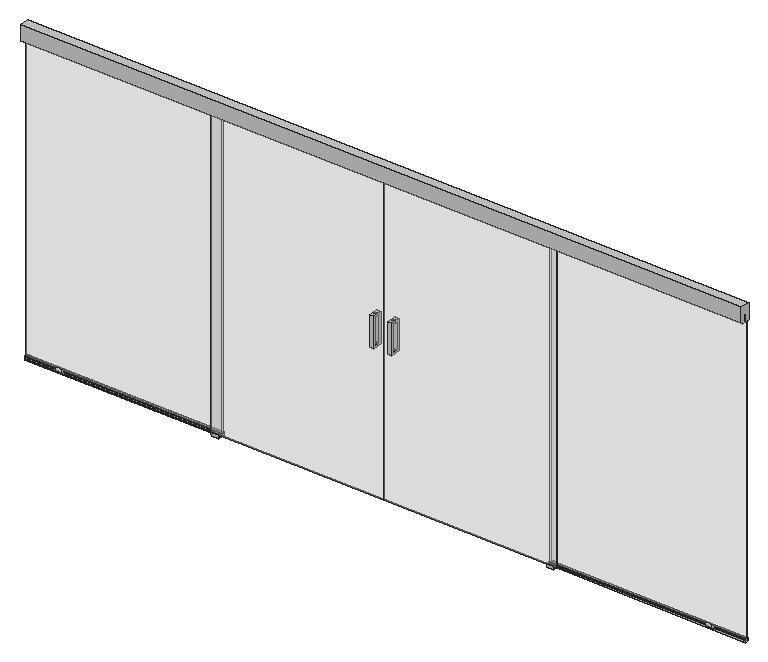
Revit family "KLEIN-Rolmatic-XOOX_CCCC", category Puertas, Revit 2014
Parameters (values of type "KLEIN-Rolmatic-XOOX_5m (1,2m) x 2,1m_12mm Translucent")
  URL = "www.klein-europe.com"
  Version = "1.0"  # constant formula
  Type.Handle = Extendo.Handle : Standard
  Fringe.Material = Klein.Translucent-Glass
  Comentarios de tipo = "Check the feasibility of the installation in our Website (www.klein-europe.com)"  # constant formula
  Grosor = 12.00 mm
  Rough Width = Anchura  # 5000.00 mm
  Altura aproximada = 2100.00 mm
  No Fringe = not(Fringe)  # yes
  Hardware.Material = Klein.Aluminum
  10mm glass thickness = no
  12mm glass thickness = yes
  Opening [instance] = (% Opening / 100) * (Door.Width - 165.00 mm)  # 0.00 mm
  Modelo = "Rolmatic (XOOX)"  # constant formula
  Fabricante = "Klein"  # constant formula
  Handle.Height = 1050.00 mm
  Glass.Material = Klein.Translucent-Glass
  Fringe.Offset = 700.00 mm
  Fringe.Height = 700.00 mm
  Fringe = no
  Door.Width = 1200.00 mm
  Función = Interior
  Altura = Altura aproximada - 105.00 mm  # 1995.00 mm
  Cierre de muro = Por anfitrión
  Anchura = 5000.00 mm
  Fixed Glass.Width = (Anchura - (Door.Width - 63.00 mm) * 2) / 2  # 1363.00 mm
  Descripción = "Rolmatic-XOOX. \r\nA synchronized feature is applied for the doors to slide simultaneously along the side-lites.\r\nIntegrating the sliding door and fixed side-lite glass panels within the same track enhances aesthetics and ease of installation. The system is available in clear anodized aluminium finish. No floor track is required at the passageway. An overlap of 50mm between the fixed and the sliding panels will be applied.\r\nWarning: A ratio of maximum 1/3 must be kept for the width/height of the door in order to guarantee a good sliding movement.\r\nDoor maximum weight up to 90 Kg. All glass dimensions must be checked with KLEIN mounting instructions. Visit our Website to check the feasibility of the installation (www.klein-europe.com)"  # constant formula
  Autor.URL = "www.a3d.es"  # constant formula
  Autor = "A3D Consulting"  # constant formula
  % Opening [instance] = 0
Types (6, lengths in mm): name | Grosor | No Fringe | 10mm glass thickness | 12mm glass thickness | Glass.Material | Fringe
  KLEIN-Rolmatic-XOOX_5m (1,2m) x 2,1m_12mm Transparent | 12.00 | yes | no | yes | Klein.Transparent-Glass | no
  KLEIN-Rolmatic-XOOX_5m (1,2m) x 2,1m_12mm Translucent | 12.00 | yes | no | yes | Klein.Translucent-Glass | no
  KLEIN-Rolmatic-XOOX_5m (1,2m) x 2,1m_12mm Transparent with translucent fringe | 12.00 | no | no | yes | Klein.Transparent-Glass | yes
  KLEIN-Rolmatic-XOOX_5m (1,2m) x 2,1m_10mm Translucent | 10.00 | yes | yes | no | Klein.Translucent-Glass | no
  KLEIN-Rolmatic-XOOX_5m (1,2m) x 2,1m_10mm Transparent | 10.00 | yes | yes | no | Klein.Transparent-Glass | no
  KLEIN-Rolmatic-XOOX_5m (1,2m) x 2,1m_10mm Transparent with translucent fringe | 10.00 | no | yes | no | Klein.Transparent-Glass | yes
Reference planes
  plane 1 "Center (Front/Back)": y = 0
  plane 2 "Center (Left/Right)": x = 0
  plane 3 "Left": x = -2500
  plane 4 "Right": x = 2500
  plane 5 "Top": z = 2100
  plane 6 "Exterior": y = 75.972
  plane 7 "Interior": y = -76.428
  plane 8 "Glass.Right.2": x = 1200
  plane 9 "Glass.Right.1": x = 0
  plane 10 "FixedGlass.Right": x = 1137
  plane 11 "Handle.X": x = 63.5
  plane 12 "Stopper.1": x = 2235.4
  plane 13 "Glass.Interior": y = -51.281
  plane 14 "Glass.Exterior": y = -39.281
  plane 15 "FixedGlass.Interior": y = -30.269
  plane 16 "FixedGlass.Exterior": y = -18.269
  plane 17: z = 1995.225
  plane 18 "Stopper.2": x = 2337
  plane 19 "Glass.Left.2": x = 0
  plane 20 "Glass.Left.1": x = -1200
  plane 21: x = -63.5
  plane 22 "FixedGlass.Left": x = -1137
  plane 23 "Stopper.3": x = -2337
  plane 24 "Stopper.4": x = -2235.4
  plane 25: z = 1995.225
  plane 26 "Fringe.Offset": z = 700
  plane 27 "Fringe.Height": z = 1400
Forms (mm)
  Extrusion 1, solid, material "Klein.Aluminum" <- "Hardware.Material"
    sketch origin (0, 0, 0) x (0, -1, 0) y (0, 0, 1)
      loop
        line (14.716, 2100) -> (14.716, 1995.225) -> (18.269, 1995.225) -> (18.269, 2001.575) -> (30.269, 2001.575) -> (30.269, 1995.225) -> (39.281, 1995.225) -> (39.281, 2044.854) -> (51.281, 2044.854) -> (51.281, 1995.225) -> (66.235, 1995.225) -> (76.428, 2002.243) -> (76.428, 2100) -> (14.716, 2100)
    from -2500 to 2500
  Extrusion 2, solid, material "Klein.Translucent-Glass" <- "Glass.Material", visible <- "No Fringe"
    sketch origin (0, -51.281, 0) x (-1, 0, 0) y (0, 0, 1)
      loop
        line (0, 2044.854) -> (-1200, 2044.854) -> (-1200, 7.937) -> (0, 7.937) -> (0, 2044.854)
    from 0 to 12 <- "Grosor"
  Extrusion 3, solid, material "Klein.Translucent-Glass" <- "Glass.Material", visible <- "No Fringe"
    sketch origin (0, -30.269, 0) x (-1, 0, 0) y (0, 0, 1)
      loop
        line (-1137, 2001.575) -> (-2500, 2001.575) -> (-2500, 11.113) -> (-1137, 11.113) -> (-1137, 2001.575)
    from 0 to 12 <- "Grosor"
  Sweep 4, solid, material "Klein.Aluminum" <- "Hardware.Material", detail levels medium+fine
    path origin (0, -86.7, 0) x (1, 0, 0) y (0, 1, 0)
      loop
        line (2500, 56.431) -> (1137, 56.431)
    profile origin (1818.5, -30.269, 0) x (0, -1, 0) y (0, 0, 1)
      loop
        line (-15.5, 0) -> (4.5, 0) -> (4.5, 6.424) -> (2, 6.424) -> (2, 18.104) -> (4.5, 18.104) -> (4.5, 21.037) -> (0.57, 21.037) -> (0, 20.051) -> (0, 6) -> (-2.25, 6) -> (-2.25, 2.5) -> (-10.75, 2.5) -> (-10.75, 6) -> (-13.5, 6) -> (-13.5, 20.051) -> (-14.07, 21.037) -> (-15.5, 21.037) -> (-15.5, 0)
  Sweep 5, solid, material "Klein.Aluminum" <- "Hardware.Material", detail levels fine
    path origin (0, -86.7, 0) x (1, 0, 0) y (0, 1, 0)
      loop
        line (1137, 47.419) -> (1187, 47.419)
    profile origin (1162, -39.281, 0) x (0, 1, 0) y (0, 0, 1)
      loop
        line (-21.49, 1) -> (4.512, 1) -> (4.512, 6.424) -> (7.012, 6.424) -> (7.012, 18.104) -> (4.512, 18.104) -> (4.512, 21) -> (1.285, 21) -> (1.285, 19.7) -> (2.1, 19.7) -> (2.1, 3) -> (-18, 3) -> (-18, 19.5) -> (-16, 19.5) -> (-16, 21) -> (-21.49, 21)
        arc (-21.49, 21) -> (-22.5, 11) -> (-21.49, 1) r 50.012
  Sweep 6, solid, material "Klein.Aluminum" <- "Hardware.Material", detail levels fine
    path origin (0, -86.7, 0) x (1, 0, 0) y (0, 1, 0)
      loop
        line (2235.4, 47.419) -> (2275.4, 47.419)
    profile origin (2255.4, -39.281, 0) x (0, 1, 0) y (0, 0, 1)
      loop
        line (4.5, 21.5) -> (2.926, 21.5)
        arc (2.926, 21.5) -> (-8.844, 29.469) -> (-4.302, 16) r 7.5
        line (-4.302, 16) -> (3.215, 16) -> (3.215, 6.424) -> (7, 6.424) -> (7, 18.104) -> (4.5, 18.104) -> (4.5, 21.5)
  Extrusion 7, solid, material "Klein.Aluminum" <- "Hardware.Material"
    sketch origin (1137, 0, 0) x (0, 1, 0) y (0, 0, 1)
      loop
        line (-18.269, 2001.575) -> (-30.269, 2001.575) -> (-30.269, 1995.225) -> (-18.269, 1995.225) -> (-18.269, 2001.575)
    from -2274 to 0
  Sweep 8, solid, material "Klein.Aluminum" <- "Hardware.Material", detail levels medium+fine
    path origin (0, 0, 0) x (1, 0, 0) y (0, 1, 0)
      loop
        line (1137, -30.269) -> (2500, -30.269)
    profile origin (1818.5, -30.269, 0) x (0, 1, 0) y (0, 0, 1)
      loop
        line (13.5, 11.064) -> (0, 11.064) -> (0, 6) -> (13.5, 6) -> (13.5, 11.064)
  Extrusion 9, solid, material "Klein.Translucent-Glass" <- "Glass.Material", visible <- "No Fringe"
    sketch origin (-1981.2, -51.281, 0) x (-1, 0, 0) y (0, 0, 1)
      loop
        line (-781.2, 2044.854) -> (-1981.2, 2044.854) -> (-1981.2, 7.937) -> (-781.2, 7.937) -> (-781.2, 2044.854)
    from 0 to 12 <- "Grosor"
  Sweep 10, solid, material "Klein.Aluminum" <- "Hardware.Material", detail levels medium+fine
    path origin (-2946.4, -86.7, 0) x (1, 0, 0) y (0, 1, 0)
      loop
        line (1809.4, 56.431) -> (446.4, 56.431)
    profile origin (-1818.5, -30.269, 0) x (0, -1, 0) y (0, 0, 1)
      loop
        line (-15.5, 0) -> (4.5, 0) -> (4.5, 6.424) -> (2, 6.424) -> (2, 18.104) -> (4.5, 18.104) -> (4.5, 21.037) -> (0.57, 21.037) -> (0, 20.051) -> (0, 6) -> (-2.25, 6) -> (-2.25, 2.5) -> (-10.75, 2.5) -> (-10.75, 6) -> (-13.5, 6) -> (-13.5, 20.051) -> (-14.07, 21.037) -> (-15.5, 21.037) -> (-15.5, 0)
  Sweep 11, solid, material "Klein.Aluminum" <- "Hardware.Material", detail levels fine
    path origin (-3276.6, -86.7, 0) x (1, 0, 0) y (0, 1, 0)
      loop
        line (2089.6, 47.419) -> (2139.6, 47.419)
    profile origin (-1162, -39.281, 0) x (0, 1, 0) y (0, 0, 1)
      loop
        line (-21.49, 1) -> (4.5, 1) -> (4.5, 6.424) -> (7, 6.424) -> (7, 18.104) -> (4.5, 18.104) -> (4.5, 21) -> (1.285, 21) -> (1.285, 19.7) -> (2.1, 19.7) -> (2.1, 3) -> (-18, 3) -> (-18, 19.5) -> (-16, 19.5) -> (-16, 21) -> (-21.49, 21)
        arc (-21.49, 21) -> (-22.5, 11) -> (-21.49, 1) r 50
  Sweep 12, solid, material "Klein.Aluminum" <- "Hardware.Material", detail levels fine
    path origin (-4876.8, -86.7, 0) x (1, 0, 0) y (0, 1, 0)
      loop
        line (2601.4, 47.419) -> (2641.4, 47.419)
    profile origin (-2255.4, -39.281, 0) x (0, 1, 0) y (0, 0, 1)
      loop
        line (4.5, 21.5) -> (2.926, 21.5)
        arc (2.926, 21.5) -> (-8.844, 29.469) -> (-4.302, 16) r 7.5
        line (-4.302, 16) -> (3.215, 16) -> (3.215, 6.424) -> (7, 6.424) -> (7, 18.104) -> (4.5, 18.104) -> (4.5, 21.5)
  Sweep 13, solid, material "Klein.Aluminum" <- "Hardware.Material", detail levels medium+fine
    path origin (-3022.6, 0, 0) x (1, 0, 0) y (0, 1, 0)
      loop
        line (522.6, -30.269) -> (1885.6, -30.269)
    profile origin (-1818.5, -30.269, 0) x (0, 1, 0) y (0, 0, 1)
      loop
        line (13.5, 11.064) -> (0, 11.064) -> (0, 6) -> (13.5, 6) -> (13.5, 11.064)
  Extrusion 14, solid, material "Klein.Translucent-Glass" <- "Glass.Material", visible <- "No Fringe"
    sketch origin (-3276.6, -30.269, 0) x (-1, 0, 0) y (0, 0, 1)
      loop
        line (-776.6, 2001.575) -> (-2139.6, 2001.575) -> (-2139.6, 11.113) -> (-776.6, 11.113) -> (-776.6, 2001.575)
    from 0 to 12 <- "Grosor"
  Extrusion 15, solid, material "Klein.Translucent-Glass" <- "Glass.Material", visible <- "Fringe"
    sketch origin (0, -51.281, 0) x (-1, 0, 0) y (0, 0, 1)
      loop
        line (0, 7.937) -> (0, 700) -> (-1200, 700) -> (-1200, 7.937) -> (0, 7.937)
    from 0 to 12 <- "Grosor"
  Extrusion 16, solid, material "Klein.Translucent-Glass" <- "Glass.Material", visible <- "Fringe"
    sketch origin (0, -30.269, 0) x (-1, 0, 0) y (0, 0, 1)
      loop
        line (-1137, 700) -> (-2500, 700) -> (-2500, 11.113) -> (-1137, 11.113) -> (-1137, 700)
    from 0 to 12 <- "Grosor"
  Extrusion 17, solid, material "Klein.Translucent-Glass" <- "Glass.Material", visible <- "Fringe"
    sketch origin (-1981.2, -51.281, 0) x (-1, 0, 0) y (0, 0, 1)
      loop
        line (-781.2, 700) -> (-1981.2, 700) -> (-1981.2, 7.937) -> (-781.2, 7.937) -> (-781.2, 700)
    from 0 to 12 <- "Grosor"
  Extrusion 18, solid, material "Klein.Translucent-Glass" <- "Glass.Material", visible <- "Fringe"
    sketch origin (-3276.6, -30.269, 0) x (-1, 0, 0) y (0, 0, 1)
      loop
        line (-776.6, 700) -> (-2139.6, 700) -> (-2139.6, 11.113) -> (-776.6, 11.113) -> (-776.6, 700)
    from 0 to 12 <- "Grosor"
  Extrusion 19, solid, material "Klein.Translucent-Glass" <- "Glass.Material", visible <- "Fringe"
    sketch origin (0, -51.281, 0) x (-1, 0, 0) y (0, 0, 1)
      loop
        line (0, 2044.854) -> (-1200, 2044.854) -> (-1200, 1400) -> (0, 1400) -> (0, 2044.854)
    from 0 to 12 <- "Grosor"
  Extrusion 20, solid, material "Klein.Translucent-Glass" <- "Glass.Material", visible <- "Fringe"
    sketch origin (0, -30.269, 0) x (-1, 0, 0) y (0, 0, 1)
      loop
        line (-1137, 2001.575) -> (-2500, 2001.575) -> (-2500, 1400) -> (-1137, 1400) -> (-1137, 2001.575)
    from 0 to 12 <- "Grosor"
  Extrusion 21, solid, material "Klein.Translucent-Glass" <- "Glass.Material", visible <- "Fringe"
    sketch origin (-1981.2, -51.281, 0) x (-1, 0, 0) y (0, 0, 1)
      loop
        line (-781.2, 2044.854) -> (-1981.2, 2044.854) -> (-1981.2, 1400) -> (-781.2, 1400) -> (-781.2, 2044.854)
    from 0 to 12 <- "Grosor"
  Extrusion 22, solid, material "Klein.Translucent-Glass" <- "Glass.Material", visible <- "Fringe"
    sketch origin (-3276.6, -30.269, 0) x (-1, 0, 0) y (0, 0, 1)
      loop
        line (-776.6, 2001.575) -> (-2139.6, 2001.575) -> (-2139.6, 1400) -> (-776.6, 1400) -> (-776.6, 2001.575)
    from 0 to 12 <- "Grosor"
  Extrusion 23, solid, material "Klein.Translucent-Glass" <- "Fringe.Material", visible <- "Fringe"
    sketch origin (0, -51.281, 736.6) x (-1, 0, 0) y (0, 0, 1)
      loop
        line (0, -36.6) -> (0, 663.4) -> (-1200, 663.4) -> (-1200, -36.6) -> (0, -36.6)
    from 0 to 12 <- "Grosor"
  Extrusion 24, solid, material "Klein.Translucent-Glass" <- "Fringe.Material", visible <- "Fringe"
    sketch origin (0, -30.269, 736.6) x (-1, 0, 0) y (0, 0, 1)
      loop
        line (-1137, 663.4) -> (-2500, 663.4) -> (-2500, -36.6) -> (-1137, -36.6) -> (-1137, 663.4)
    from 0 to 12 <- "Grosor"
  Extrusion 25, solid, material "Klein.Translucent-Glass" <- "Fringe.Material", visible <- "Fringe"
    sketch origin (-1981.2, -51.281, 736.6) x (-1, 0, 0) y (0, 0, 1)
      loop
        line (-781.2, 663.4) -> (-1981.2, 663.4) -> (-1981.2, -36.6) -> (-781.2, -36.6) -> (-781.2, 663.4)
    from 0 to 12 <- "Grosor"
  Extrusion 26, solid, material "Klein.Translucent-Glass" <- "Fringe.Material", visible <- "Fringe"
    sketch origin (-3276.6, -30.269, 736.6) x (-1, 0, 0) y (0, 0, 1)
      loop
        line (-776.6, 663.4) -> (-2139.6, 663.4) -> (-2139.6, -36.6) -> (-776.6, -36.6) -> (-776.6, 663.4)
    from 0 to 12 <- "Grosor"
Cuts and joins
  joined: Extrusion 1, Extrusion 7
Lines and regions (mm)
  Opening 1
    outline origin (-2286, -76.428, 0) x (1, 0, 0) y (0, 0, 1)
      loop
        line (-214, 0) -> (4786, 0) -> (4786, 2100) -> (-214, 2100) -> (-214, 0)
  Masking region 1
    outline origin (-2500, 0, 0) x (0, -1, 0) y (0, 0, 1)
      loop
        line (30.269, 11.113) -> (30.269, 2001.575) -> (18.269, 2001.575) -> (18.269, 11.113) -> (30.269, 11.113)
      loop
        line (39.281, 2044.854) -> (39.281, 7.937) -> (51.281, 7.938) -> (51.281, 2044.854) -> (39.281, 2044.854)
  Masking region 2, detail levels medium
    outline origin (0, 0, 0) x (0, -1, 0) y (0, 0, 1)
      loop
        line (14.394, 0) -> (34.269, 0) -> (34.269, 21) -> (30.269, 21) -> (30.269, 11.113) -> (18.269, 11.113) -> (18.269, 21) -> (14.394, 21) -> (14.394, 0)
  Masking region 3
    outline origin (0, 0, 1981.2) x (0, -1, 0) y (0, 0, 1)
      loop
        line (14.716, 14.025) -> (18.269, 14.025) -> (18.269, 20.375) -> (30.269, 20.375) -> (30.269, 14.025) -> (39.281, 14.025) -> (39.281, 63.654) -> (51.281, 63.654) -> (51.281, 14.025) -> (69.41, 14.025) -> (76.428, 21.043) -> (76.428, 118.8) -> (14.716, 118.8) -> (14.716, 14.025)
Text (mm)
  text "Exterior" at (-1904.17, 693.701, 0), in view "Ref. Level"
  text "Interior" at (-1904.17, -638.649, 0), in view "Ref. Level"
  text "Exterior" at (0, 1019.848, 3124.603), in view "Right"
  text "Interior" at (0, -1635.541, 3124.603), in view "Right"
  text "Interior" at (0, -787.806, 3124.376), in view "Left"
  text "Exterior" at (0, 1386.095, 3124.376), in view "Left"
  text "KLEIN family modeled by A3D Consulting\n\n(www.a3d.es)" at (1860.922, 760.913, 0), in view "Ref. Level"
Dimensions and locks
  equal spacing: plane 3 "Left", plane 2 "Center (Left/Right)", plane 4 "Right"
  "Altura aproximada": level to plane 5 "Top"
  "Anchura": plane 3 "Left" to plane 4 "Right"
  locked: plane 9 "Glass.Right.1" to plane 11 "Handle.X" at 63.5
  "Fixed Glass.Width": plane 10 "FixedGlass.Right" to plane 4 "Right"
  "Grosor": plane 14 "Glass.Exterior" to plane 13 "Glass.Interior"
  "Grosor": plane 16 "FixedGlass.Exterior" to plane 15 "FixedGlass.Interior"
  locked: Extrusion 2 sketch curve to level at 7.937
  locked: Extrusion 3 sketch curve to level at 11.113
  "Door.Width": plane 9 "Glass.Right.1" to plane 8 "Glass.Right.2"
  locked: plane 12 "Stopper.1" to Sweep 6 sketch curve at 40
  locked: plane 10 "FixedGlass.Right" to Sweep 5 sketch curve at 50
  locked: Extrusion 1 sketch curve to plane 7 "Interior" at 61.712
  locked: plane 17 to plane 5 "Top" at 104.775
  locked: Extrusion 1 sketch curve to plane 17 at 49.629
  locked: Extrusion 1 sketch curve to plane 17 at 6.35
  locked: Sweep 8 sketch curve to profile plane at 13.5
  locked: Sweep 8 sketch curve to profile plane at 6
  locked: Sweep 8 sketch curve to profile plane at 11.064
  locked: Masking region 2 sketch curve to level at 21  (x2)
  locked: plane 15 "FixedGlass.Interior" to Masking region 2 sketch curve at 4
  locked: plane 12 "Stopper.1" to plane 18 "Stopper.2" at 101.6
  "Door.Width": plane 10 "FixedGlass.Right" to plane 18 "Stopper.2"
  locked: plane 7 "Interior" to plane 14 "Glass.Exterior" at 37.148
  locked: plane 15 "FixedGlass.Interior" to plane 14 "Glass.Exterior" at 9.012
  locked: Extrusion 3 sketch curve to plane 5 "Top" at 98.425
  locked: Extrusion 2 sketch curve to plane 5 "Top" at 55.146
  locked: Masking region 3 sketch curve to plane 5 "Top" at 55.146
  locked: Masking region 1 sketch curve to plane 5 "Top" at 55.146
  locked: Masking region 1 sketch curve to plane 5 "Top" at 98.425
  locked: Masking region 2 sketch curve to plane 15 "FixedGlass.Interior" at 15.875
  locked: Masking region 3 sketch curve to plane 5 "Top" at 98.425
  "Door.Width": plane 20 "Glass.Left.1" to plane 19 "Glass.Left.2"
  locked: plane 21 to plane 19 "Glass.Left.2" at 63.5
  "Door.Width": plane 23 "Stopper.3" to plane 22 "FixedGlass.Left"
  locked: plane 23 "Stopper.3" to plane 24 "Stopper.4" at 101.6
  "Opening": plane 2 "Center (Left/Right)" to plane 9 "Glass.Right.1"
  "Opening": plane 19 "Glass.Left.2" to plane 2 "Center (Left/Right)"
  locked: plane 5 "Top" to Extrusion 9 sketch curve at 55.146
  locked: Extrusion 9 sketch curve to level at 7.937
  locked: Sweep 11 sketch curve to plane 22 "FixedGlass.Left" at 50
  locked: Sweep 12 sketch curve to plane 24 "Stopper.4" at 40
  locked: Sweep 13 sketch curve to profile plane at 13.5
  locked: Sweep 13 sketch curve to profile plane at 6
  locked: Sweep 13 sketch curve to profile plane at 11.064
  locked: plane 5 "Top" to Extrusion 14 sketch curve at 98.425
  locked: Extrusion 14 sketch curve to level at 11.113
  "Fixed Glass.Width": plane 3 "Left" to plane 22 "FixedGlass.Left"
  locked: plane 25 to plane 5 "Top" at 104.775
  locked: Masking region 3 sketch curve to plane 7 "Interior" at 61.712
  locked: Extrusion 7 sketch curve to plane 5 "Top" at 104.775
  locked: Extrusion 7 sketch curve to plane 5 "Top" at 98.425
  locked: plane 7 "Interior" to Masking region 3 sketch curve at 7.018
  "Fringe.Offset": plane 26 "Fringe.Offset" to level
  "Fringe.Height": plane 27 "Fringe.Height" to plane 26 "Fringe.Offset"
  locked: plane 5 "Top" to Extrusion 22 sketch curve at 98.425
  locked: plane 5 "Top" to Extrusion 21 sketch curve at 55.146
  locked: plane 5 "Top" to Extrusion 20 sketch curve at 98.425
  locked: Extrusion 18 sketch curve to level at 11.113
  locked: Extrusion 17 sketch curve to level at 7.937
  locked: Extrusion 15 sketch curve to level at 7.937
  locked: Extrusion 16 sketch curve to level at 11.113
  aligned and locked: plane 3 "Left" to Opening 1 sketch curve
  aligned and locked: plane 5 "Top" to Opening 1 sketch curve
  aligned and locked: Opening 1 sketch curve to plane 5 "Top"
  aligned and locked: Opening 1 sketch curve to plane 4 "Right"
  aligned and locked: Opening 1 sketch curve to level
  aligned and locked: plane 6 "Exterior" to host wall
  aligned and locked: host wall to plane 7 "Interior"
  aligned and locked: plane 5 "Top" to Extrusion 1 sketch curve
  aligned and locked: plane 7 "Interior" to Extrusion 1 sketch curve
  aligned and locked: plane 13 "Glass.Interior" to Extrusion 1 sketch curve
  aligned and locked: plane 14 "Glass.Exterior" to Extrusion 1 sketch curve
  aligned and locked: Extrusion 1 sketch curve to plane 17  (x3)
  aligned and locked: plane 9 "Glass.Right.1" to Extrusion 2 sketch curve
  aligned and locked: Extrusion 2 sketch curve to plane 8 "Glass.Right.2"
  aligned and locked: plane 10 "FixedGlass.Right" to Extrusion 3 sketch curve
  aligned and locked: plane 4 "Right" to Extrusion 3 sketch curve
  aligned and locked: plane 3 "Left" to Extrusion 1
  aligned and locked: Extrusion 1 to plane 4 "Right"
  aligned and locked: Sweep 4 sketch curve to plane 15 "FixedGlass.Interior"
  aligned and locked: plane 10 "FixedGlass.Right" to Sweep 4 sketch curve
  aligned and locked: plane 4 "Right" to Sweep 4 sketch curve
  aligned and locked: plane 14 "Glass.Exterior" to Sweep 6 sketch curve
  aligned and locked: plane 12 "Stopper.1" to Sweep 6 sketch curve
  aligned and locked: Sweep 5 sketch curve to plane 14 "Glass.Exterior"
  aligned and locked: plane 10 "FixedGlass.Right" to Sweep 5 sketch curve
  aligned and locked: nested 2 to plane 11 "Handle.X"
  aligned and locked: plane 11 "Handle.X" to nested 1
  aligned and locked: plane 5 "Top" to nested 3
  aligned and locked: plane 7 "Interior" to nested 3
  aligned and locked: plane 5 "Top" to nested 4
  aligned and locked: plane 7 "Interior" to nested 4
  aligned and locked: plane 15 "FixedGlass.Interior" to Extrusion 7 sketch curve
  aligned and locked: Extrusion 7 sketch curve to plane 16 "FixedGlass.Exterior"
  aligned and locked: plane 10 "FixedGlass.Right" to Extrusion 7
  aligned and locked: plane 4 "Right" to Sweep 8 sketch curve
  aligned and locked: plane 10 "FixedGlass.Right" to Sweep 8 sketch curve
  aligned and locked: plane 15 "FixedGlass.Interior" to Sweep 8 sketch curve
  aligned and locked: Sweep 8 sketch curve to profile plane
  aligned and locked: plane 15 "FixedGlass.Interior" to Masking region 1 sketch curve
  aligned and locked: Masking region 1 sketch curve to plane 16 "FixedGlass.Exterior"
  aligned and locked: Masking region 1 sketch curve to Extrusion 3
  aligned and locked: Masking region 1 sketch curve to plane 14 "Glass.Exterior"
  aligned and locked: plane 13 "Glass.Interior" to Masking region 1 sketch curve
  aligned and locked: Masking region 1 sketch curve to Extrusion 2
  aligned and locked: nested 5 to level
  aligned and locked: Masking region 2 sketch curve to plane 15 "FixedGlass.Interior"
  aligned and locked: Masking region 2 sketch curve to Extrusion 3
  aligned and locked: level to Masking region 2
  aligned and locked: Masking region 3 sketch curve to plane 7 "Interior"
  aligned and locked: plane 5 "Top" to Masking region 3 sketch curve
  aligned and locked: plane 13 "Glass.Interior" to Masking region 3 sketch curve
  aligned and locked: Masking region 3 sketch curve to plane 14 "Glass.Exterior"
  aligned and locked: Masking region 3 sketch curve to plane 16 "FixedGlass.Exterior"
  aligned and locked: Masking region 3 sketch curve to plane 15 "FixedGlass.Interior"
  aligned and locked: plane 16 "FixedGlass.Exterior" to Extrusion 1 sketch curve
  aligned and locked: plane 15 "FixedGlass.Interior" to Extrusion 1 sketch curve
  aligned and locked: Sweep 5 sketch curve to Sweep 4  (x4)
  aligned and locked: nested 2 to plane 14 "Glass.Exterior"
  aligned and locked: nested 1 to plane 13 "Glass.Interior"
  aligned and locked: Extrusion 9 sketch curve to plane 19 "Glass.Left.2"
  aligned and locked: plane 20 "Glass.Left.1" to Extrusion 9 sketch curve
  aligned and locked: plane 3 "Left" to Sweep 10 sketch curve
  aligned and locked: plane 22 "FixedGlass.Left" to Sweep 10 sketch curve
  aligned and locked: plane 15 "FixedGlass.Interior" to Sweep 10 sketch curve
  aligned and locked: plane 22 "FixedGlass.Left" to Sweep 11 sketch curve
  aligned and locked: Sweep 11 sketch curve to plane 14 "Glass.Exterior"
  aligned and locked: plane 24 "Stopper.4" to Sweep 12 sketch curve
  aligned and locked: Sweep 12 sketch curve to plane 14 "Glass.Exterior"
  aligned and locked: plane 21 to nested 7
  aligned and locked: nested 8 to plane 21
  aligned and locked: nested 8 to plane 14 "Glass.Exterior"
  aligned and locked: nested 7 to plane 13 "Glass.Interior"
  aligned and locked: Sweep 13 sketch curve to profile plane
  aligned and locked: plane 3 "Left" to Sweep 13 sketch curve
  aligned and locked: plane 22 "FixedGlass.Left" to Sweep 13 sketch curve
  aligned and locked: Sweep 13 sketch curve to plane 15 "FixedGlass.Interior"
  aligned and locked: Extrusion 14 sketch curve to plane 3 "Left"
  aligned and locked: Extrusion 14 sketch curve to plane 22 "FixedGlass.Left"
  aligned and locked: Extrusion 7 to plane 22 "FixedGlass.Left"
  aligned and locked: nested 6 to plane 14 "Glass.Exterior"
  aligned and locked: nested 5 to plane 14 "Glass.Exterior"
  aligned and locked: Masking region 3 sketch curve to plane 25  (x3)
  aligned and locked: plane 27 "Fringe.Height" to Extrusion 22 sketch curve
  aligned and locked: Extrusion 22 sketch curve to plane 22 "FixedGlass.Left"
  aligned and locked: Extrusion 22 sketch curve to plane 3 "Left"
  aligned and locked: plane 20 "Glass.Left.1" to Extrusion 21 sketch curve
  aligned and locked: Extrusion 21 sketch curve to plane 19 "Glass.Left.2"
  aligned and locked: plane 27 "Fringe.Height" to Extrusion 21 sketch curve
  aligned and locked: plane 27 "Fringe.Height" to Extrusion 19 sketch curve
  aligned and locked: plane 9 "Glass.Right.1" to Extrusion 19 sketch curve
  aligned and locked: Extrusion 19 sketch curve to plane 8 "Glass.Right.2"
  aligned and locked: plane 27 "Fringe.Height" to Extrusion 20 sketch curve
  aligned and locked: plane 10 "FixedGlass.Right" to Extrusion 20 sketch curve
  aligned and locked: plane 4 "Right" to Extrusion 20 sketch curve
  aligned and locked: Extrusion 18 sketch curve to plane 26 "Fringe.Offset"
  aligned and locked: Extrusion 18 sketch curve to plane 22 "FixedGlass.Left"
  aligned and locked: Extrusion 18 sketch curve to plane 3 "Left"
  aligned and locked: Extrusion 17 sketch curve to plane 26 "Fringe.Offset"
  aligned and locked: plane 20 "Glass.Left.1" to Extrusion 17 sketch curve
  aligned and locked: Extrusion 17 sketch curve to plane 19 "Glass.Left.2"
  aligned and locked: Extrusion 15 sketch curve to plane 26 "Fringe.Offset"
  aligned and locked: Extrusion 15 sketch curve to plane 8 "Glass.Right.2"
  aligned and locked: plane 9 "Glass.Right.1" to Extrusion 15 sketch curve
  aligned and locked: Extrusion 16 sketch curve to plane 26 "Fringe.Offset"
  aligned and locked: plane 10 "FixedGlass.Right" to Extrusion 16 sketch curve
  aligned and locked: plane 4 "Right" to Extrusion 16 sketch curve
  aligned and locked: plane 26 "Fringe.Offset" to Extrusion 26 sketch curve
  aligned and locked: Extrusion 26 sketch curve to plane 27 "Fringe.Height"
  aligned and locked: Extrusion 26 sketch curve to plane 22 "FixedGlass.Left"
  aligned and locked: Extrusion 26 sketch curve to plane 3 "Left"
  aligned and locked: plane 20 "Glass.Left.1" to Extrusion 25 sketch curve
  aligned and locked: Extrusion 25 sketch curve to plane 19 "Glass.Left.2"
  aligned and locked: plane 26 "Fringe.Offset" to Extrusion 25 sketch curve
  aligned and locked: Extrusion 25 sketch curve to plane 27 "Fringe.Height"
  aligned and locked: plane 26 "Fringe.Offset" to Extrusion 23 sketch curve
  aligned and locked: Extrusion 23 sketch curve to plane 27 "Fringe.Height"
  aligned and locked: plane 9 "Glass.Right.1" to Extrusion 23 sketch curve
  aligned and locked: Extrusion 23 sketch curve to plane 8 "Glass.Right.2"
  aligned and locked: plane 10 "FixedGlass.Right" to Extrusion 24 sketch curve
  aligned and locked: plane 4 "Right" to Extrusion 24 sketch curve
  aligned and locked: Extrusion 24 sketch curve to plane 27 "Fringe.Height"
  aligned and locked: plane 26 "Fringe.Offset" to Extrusion 24 sketch curve
Automatic sketch dimensions
  Extrusion 1 sketch curve to host wall = 10.193 mm
  plane 17 to Extrusion 1 sketch curve = 7.018 mm
  Sweep 4 sketch curve to profile plane = 0.00 mm  (x2)
  profile plane to Sweep 4 sketch curve = 2.25 mm
  Sweep 4 sketch curve to Sweep 4 sketch curve = 8.50 mm
  Sweep 4 sketch curve to Sweep 4 sketch curve = 2.75 mm
  Sweep 4 sketch curve to Sweep 4 sketch curve = 0.57 mm
  Sweep 4 sketch curve to Sweep 4 sketch curve = 4.75 mm
  Sweep 4 sketch curve to profile plane = 0.57 mm
  Sweep 4 sketch curve to profile plane = 2.00 mm
  Sweep 4 sketch curve to Sweep 4 sketch curve = 2.50 mm
  Sweep 4 sketch curve to profile plane = 4.50 mm
  profile plane to Sweep 4 sketch curve = 2.50 mm
  Sweep 4 sketch curve to Sweep 4 sketch curve = 3.50 mm  (x2)
  Sweep 4 sketch curve to Sweep 4 sketch curve = 0.424 mm
  Sweep 4 sketch curve to Sweep 4 sketch curve = 11.68 mm
  Sweep 4 sketch curve to Sweep 4 sketch curve = 1.947 mm
  Sweep 4 sketch curve to Sweep 4 sketch curve = 0.00 mm
  Sweep 4 sketch curve to Sweep 4 sketch curve = 0.987 mm  (x2)
  Sweep 5 sketch curve to profile plane = 2.10 mm
  Sweep 5 sketch curve to profile plane = 1.285 mm
  profile plane to Sweep 5 sketch curve = 16.00 mm
  Sweep 5 sketch curve to Sweep 5 sketch curve = 2.00 mm
  Sweep 5 sketch curve to Sweep 5 sketch curve = 3.49 mm  (x2)
  profile plane to Sweep 5 sketch curve = 1.00 mm
  Sweep 5 sketch curve to Sweep 5 sketch curve = 20.50 mm
  profile plane to Sweep 5 sketch curve = 3.00 mm
  Sweep 5 sketch curve to Sweep 5 sketch curve = 3.424 mm
  profile plane to Sweep 5 sketch curve = 11.00 mm
  Sweep 5 sketch curve to Sweep 5 sketch curve = 1.50 mm
  Sweep 5 sketch curve to Sweep 5 sketch curve = 1.596 mm
  Sweep 5 sketch curve to Sweep 5 sketch curve = 1.30 mm
  profile plane to Sweep 6 sketch curve = 4.302 mm
  Sweep 6 sketch curve to profile plane = 2.926 mm
  Sweep 6 sketch curve to profile plane = 3.215 mm
  Sweep 6 sketch curve to Sweep 6 sketch curve = 1.285 mm
  Sweep 6 sketch curve to Sweep 6 sketch curve = 3.785 mm
  profile plane to Sweep 6 sketch curve = 6.424 mm
  Sweep 6 sketch curve to Sweep 6 sketch curve = 9.576 mm
  Sweep 6 sketch curve to Sweep 6 sketch curve = 2.104 mm
  Sweep 6 sketch curve to Sweep 6 sketch curve = 3.396 mm
  Masking region 2 sketch curve to plane 16 "FixedGlass.Exterior" = 0.00 mm
  Masking region 2 sketch curve to level = 0.00 mm
  plane 25 to Masking region 3 sketch curve = 7.018 mm
  Sweep 10 sketch curve to profile plane = 0.00 mm  (x2)
  profile plane to Sweep 10 sketch curve = 2.25 mm
  Sweep 10 sketch curve to Sweep 10 sketch curve = 8.50 mm
  Sweep 10 sketch curve to Sweep 10 sketch curve = 2.75 mm
  Sweep 10 sketch curve to Sweep 10 sketch curve = 0.57 mm
  Sweep 10 sketch curve to Sweep 10 sketch curve = 4.75 mm
  Sweep 10 sketch curve to profile plane = 0.57 mm
  Sweep 10 sketch curve to profile plane = 2.00 mm
  Sweep 10 sketch curve to Sweep 10 sketch curve = 2.50 mm
  Sweep 10 sketch curve to profile plane = 4.50 mm
  profile plane to Sweep 10 sketch curve = 2.50 mm
  Sweep 10 sketch curve to Sweep 10 sketch curve = 3.50 mm  (x2)
  Sweep 10 sketch curve to Sweep 10 sketch curve = 0.424 mm
  Sweep 10 sketch curve to Sweep 10 sketch curve = 11.68 mm
  Sweep 10 sketch curve to Sweep 10 sketch curve = 1.947 mm
  Sweep 10 sketch curve to Sweep 10 sketch curve = 0.00 mm
  Sweep 10 sketch curve to Sweep 10 sketch curve = 0.987 mm  (x2)
  profile plane to Sweep 11 sketch curve = 1.00 mm
  profile plane to Sweep 11 sketch curve = 21.49 mm
  Sweep 11 sketch curve to Sweep 11 sketch curve = 0.00 mm
  Sweep 11 sketch curve to Sweep 11 sketch curve = 3.49 mm
  Sweep 11 sketch curve to Sweep 11 sketch curve = 2.00 mm
  Sweep 11 sketch curve to profile plane = 1.285 mm
  Sweep 11 sketch curve to Sweep 11 sketch curve = 0.815 mm
  Sweep 11 sketch curve to Sweep 11 sketch curve = 2.40 mm  (x2)
  Sweep 11 sketch curve to Sweep 11 sketch curve = 2.50 mm
  Sweep 11 sketch curve to Sweep 11 sketch curve = 20.50 mm
  profile plane to Sweep 11 sketch curve = 3.00 mm
  Sweep 11 sketch curve to Sweep 11 sketch curve = 3.424 mm
  profile plane to Sweep 11 sketch curve = 11.00 mm
  Sweep 11 sketch curve to Sweep 11 sketch curve = 11.68 mm
  Sweep 11 sketch curve to Sweep 11 sketch curve = 1.50 mm
  Sweep 11 sketch curve to Sweep 11 sketch curve = 1.596 mm
  Sweep 11 sketch curve to Sweep 11 sketch curve = 1.30 mm
  profile plane to Sweep 12 sketch curve = 4.302 mm
  Sweep 12 sketch curve to profile plane = 2.926 mm
  Sweep 12 sketch curve to profile plane = 3.215 mm
  Sweep 12 sketch curve to Sweep 12 sketch curve = 1.285 mm
  Sweep 12 sketch curve to Sweep 12 sketch curve = 3.785 mm
  profile plane to Sweep 12 sketch curve = 6.424 mm
  Sweep 12 sketch curve to Sweep 12 sketch curve = 9.576 mm
  Sweep 12 sketch curve to Sweep 12 sketch curve = 2.104 mm
  Sweep 12 sketch curve to Sweep 12 sketch curve = 3.396 mm
  plane 5 "Top" to Extrusion 19 sketch curve = 55.146 mm
Nested families
  nested 1: "Extendo.Handle" at (63.5, -51.281, 1050), built-in parameter 1001364 <- "Handle.Height", type <- "Type.Handle", type "Standard", detail levels fine
  nested 2: "Extendo.Handle" at (63.5, -39.281, 1050), built-in parameter 1001364 <- "Handle.Height", type <- "Type.Handle", type "Standard", detail levels fine
  nested 3: "Klein.Rolmatic.Detail.Profile.12mm" at (0, -76.428, 2100) x (0, -1, 0) z (-1, 0, 0), visible <- "12mm glass thickness", type "Standard", detail levels fine
  nested 4: "Klein.Rolmatic.Detail.Profile.10mm" at (0, -76.428, 2100) x (0, -1, 0) z (-1, 0, 0), visible <- "10mm glass thickness", type "Standard", detail levels fine
  nested 5: "Klein.Rolmatic.Detail.Inferior.10mm" at (0, -39.281, 0) x (0, -1, 0) z (-1, 0, 0), visible <- "10mm glass thickness", type "Standard", detail levels fine
  nested 6: "Klein.Rolmatic.Detail.Inferior.12mm" at (0, -39.281, 0) x (0, -1, 0) z (-1, 0, 0), visible <- "12mm glass thickness", type "Standard", detail levels fine
  nested 7: "Extendo.Handle" at (-63.5, -51.281, 1050), built-in parameter 1001364 <- "Handle.Height", type <- "Type.Handle", type "Standard", detail levels fine
  nested 8: "Extendo.Handle" at (-63.5, -39.281, 1050), built-in parameter 1001364 <- "Handle.Height", type <- "Type.Handle", type "Standard", detail levels fine
Definition of nested family "Extendo.Handle"
  Parameters (values of type "Standard")
    Version = "A3D.Extendo.Handle.1.0"  # constant formula
    Manufacturer = "Klein"  # constant formula
    Handle.Material = Klein.Aluminum
  Reference planes
    plane 1 "Center (Front/Back)": y = 0
    plane 2: z = 0
    plane 3 "Center (Left/Right)": x = 0
  Forms (mm)
    Sweep 1, solid, material "Klein.Aluminum" <- "Handle.Material"
      path origin (0, 0, 0) x (0, -1, 0) y (0, 0, 1)
        loop
          line (0, 101.6) -> (25.4, 101.6) -> (25.4, -101.6) -> (0, -101.6)
      profile origin (0, -12.7, 101.6) x (0, 0, 1) y (-1, 0, 0)
        loop
          line (0, -12.7) -> (0, 12.7) -> (-12.7, 12.7) -> (-12.7, -12.7) -> (0, -12.7)
  Text (mm)
    text "KLEIN family modeled by A3D Consulting\n\n(www.a3d.es)" at (1860.922, 760.913, 0), in view "Ref. Level"
  Dimensions and locks
    Sweep 1 sketch curve to level = 101.60 mm
    level to Sweep 1 sketch curve = 101.60 mm
    Sweep 1 sketch curve to profile plane to Sweep 1 sketch curve = 12.70 mm, 12.70 mm
    locked: Sweep 1 sketch curve to profile plane at 12.7
    aligned and locked: plane 2 to level
    aligned and locked: Sweep 1 sketch curve to profile plane
    aligned and locked: plane 1 "Center (Front/Back)" to Sweep 1
Definition of nested family "Klein.Rolmatic.Detail.Profile.12mm"
  Parameters (values of type "Standard")
    Version = "A3D.Rolmatic.Detail.Profile.1.2inches.Version.1.0"  # constant formula
  Reference planes
    plane 1 "Centro (Frontal/Posterior)": y = 0
    plane 2: z = 0
    plane 3 "Centro (Izquierda/Derecha)": x = 0
  Text (mm)
    text "KLEIN family modeled by A3D Consulting\n\n(www.a3d.es)" at (292.844, 683.909, 0), in view "Nivel de referencia"
Definition of nested family "Klein.Rolmatic.Detail.Profile.10mm"
  Parameters (values of type "Standard")
    Version = "A3D.Rolmatic.Detail.Profile.3.8inches.Version.1.0"  # constant formula
  Reference planes
    plane 1 "Centro (Frontal/Posterior)": y = 0
    plane 2: z = 0
    plane 3 "Centro (Izquierda/Derecha)": x = 0
  Text (mm)
    text "KLEIN family modeled by A3D Consulting\n\n(www.a3d.es)" at (292.844, 683.909, 0), in view "Nivel de referencia"
Definition of nested family "Klein.Rolmatic.Detail.Inferior.10mm"
  Parameters (values of type "Standard")
    Version = "A3D.Rolmatic.Detail.Inferior.3.8inches.Version.1.0"  # constant formula
  Reference planes
    plane 1 "Center (Front/Back)": y = 0
    plane 2: z = 0
    plane 3 "Center (Left/Right)": x = 0
  Text (mm)
    text "KLEIN family modeled by A3D Consulting\n\n(www.a3d.es)" at (292.844, 683.909, 0), in view "Ref. Level"
Definition of nested family "Klein.Rolmatic.Detail.Inferior.12mm"
  Parameters (values of type "Standard")
    Version = "A3D.Rolmatic.Detail.Inferior.1.2inches.Version.1.0"  # constant formula
  Reference planes
    plane 1 "Center (Front/Back)": y = 0
    plane 2: z = 0
    plane 3 "Center (Left/Right)": x = 0
  Text (mm)
    text "KLEIN family modeled by A3D Consulting\n\n(www.a3d.es)" at (292.844, 683.909, 0), in view "Ref. Level"
